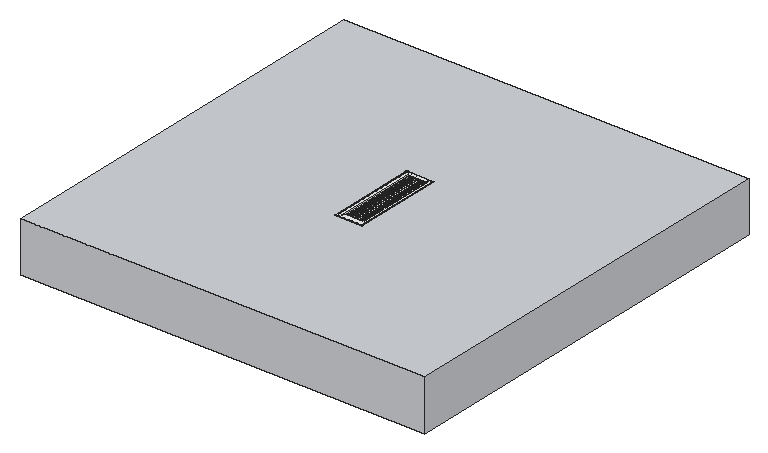
Revit family
Parameters (values of type "LDHF1200")
  URL = "http://www.productspec.net/products/30298/holyoake-industries/linear-diffusers-ldh1200ldhf1200.aspx"
  Type Comments = "Linear Diffuser"  # constant formula
  Style 4 = yes
  Overall Width = Exact Neck Width + 2 * Flange Width  # 166.00 mm
  Overall Height = Exact Neck Height + 2 * Flange Width  # 541.00 mm
  Opening Width = Exact Neck Width - 2 * Flange Thickness  # 106.00 mm
  Opening Height = Exact Neck Height - 2 * Flange Thickness  # 481.00 mm
  Nominal Width = 129.00 mm
  Nominal Height = 504.00 mm
  Model = "LDHF-1200"
  Manufacturer = "Holyoake Industries Ltd"  # constant formula
  LDHF1215 = not(LDHF1200)  # no
  LDHF1200 = yes
  Frame and Bars = Alloy - Holyoake
  Flange Width = 27.00 mm  # constant formula
  Flange Thickness = 3.00 mm  # constant formula
  Exact Neck Width = Nominal Width - 17.00 mm  # 112.00 mm
  Exact Neck Height = Nominal Height - 17.00 mm  # 487.00 mm
  Engineering Data [instance] = "http://admin.productspec.net/nas/TechnicalFiles/2367/p30296/B15-B22%20LD.pdf"
  Depth = 27.00 mm  # constant formula
  Default Elevation = 1000.00 mm
  Created By = "Productspec Ltd"  # constant formula
  Blade Thickness = 5.15 mm
  Bar Width = 3.20 mm  # constant formula
  Bar Spacing = 12.50 mm  # constant formula
  Bar Offset = (Opening Width - Bar Width * Bar Number - (Bar Spacing - Bar Width) * (Bar Number - 1)) / 2 + Bar Width / 2  # 9.25 mm
  Bar Number = Opening Width / Bar Spacing  # 8
  Author = "DZZ"  # constant formula
Types (3, lengths in mm): name | URL | Overall Width | Overall Height | Opening Width | Opening Height | Nominal Width | Nominal Height | Model | LDHF1215 | LDHF1200 | Exact Neck Width | Exact Neck Height | Blade Thickness | Bar Offset | Bar Number
  (no name) | "http://www.productspec.net/products/30298/holyoake-industries/linear-diffusers-ldh1200ldhf1200.aspx" | 166.00 | 541.00 | 106.00 | 481.00 | 129.00 | 504.00 | "LDHF-1200" | no | yes | 112.00 | 487.00 | 5.15 | 9.25 | 8
  LDHF1200 | "http://www.productspec.net/products/30298/holyoake-industries/linear-diffusers-ldh1200ldhf1200.aspx" | 166.00 | 541.00 | 106.00 | 481.00 | 129.00 | 504.00 | "LDHF-1200" | no | yes | 112.00 | 487.00 | 5.15 | 9.25 | 8
  LDHF1215 | "http://www.productspec.net/products/30299/holyoake-industries/linear-diffusers-ldh1215ldhf1215.aspx" | 124.50 | 456.00 | 64.50 | 396.00 | 87.50 | 419.00 | "LDHF-1215" | yes | no | 70.50 | 402.00 | 6.98 | 7.25 | 5
Reference planes
  plane 1 "Center (Front/Back)": y = 0
  plane 2: z = 0.003
  plane 3 "Center (Left/Right)": x = 0
  plane 4: x = -53
  plane 5: x = 53
  plane 6: y = -240.5
  plane 7: y = 240.5
  plane 8: x = -62.5
  plane 9: x = 66.5
  plane 10: y = 254
  plane 11: y = -250
  plane 12 "Bottom": z = -26.997
  plane 13: x = -43.75
  plane 14: x = -31.25
  plane 15: x = 17.5
  plane 16: x = -56
  plane 17: x = 56
  plane 18: x = -83
  plane 19: x = 83
  plane 20: y = 243.5
  plane 21: y = 270.5
  plane 22: y = -243.5
  plane 23: y = -270.5
Forms (mm)
  Extrusion 1, solid
    sketch origin (0, 0, 0) x (1, 0, 0) y (0, 1, 0)
      loop
        line (-1219.2, 1219.2) -> (-1219.2, -1219.2) -> (1219.2, -1219.2) -> (1219.2, 1219.2) -> (-1219.2, 1219.2)
    from 0.003 to -304.8
  Extrusion 2, solid, material "Alloy - Holyoake" <- "Frame and Bars", detail levels coarse+medium
    sketch origin (0, 0, -26.997) x (-1, 0, 0) y (0, -1, 0)
      loop
        line (53, -240.5) -> (53, 240.5) -> (-53, 240.5) -> (-53, -240.5) -> (53, -240.5)
    from 0 to 27 <- "Depth"
  Sweep 3, solid, material "Alloy - Holyoake" <- "Frame and Bars", visible <- "Style 4", detail levels medium+fine
    path origin (0, 0, 0) x (1, 0, 0) y (0, 1, 0)
      loop
        line (-53, 240.5) -> (-53, -240.5) -> (53, -240.5) -> (53, 240.5) -> (-53, 240.5)
    profile "Holyoake_LinearDiffuser_LDtype4_Track_profile : Holyoake_LinearDiffuser_LDtype4_Track_profile" origin (-53, 0, 0) x (1, 0, 0) y (0, 0, 1)
      loop
        line (0, 4) -> (-26.5, 4) -> (-30, 2) -> (-30, 0) -> (-20.9, 0) -> (-20.9, 1) -> (-22.5, 1) -> (-22.5, 2.4) -> (-8.1, 2.4) -> (-8.1, 1) -> (-9.7, 1) -> (-9.7, 0) -> (-3, 0) -> (-3, -27) -> (8.5, -27) -> (12, -25) -> (12, -23) -> (0, -23) -> (0, 4)
Dimensions and locks
  equal spacing: plane 4, plane 3 "Center (Left/Right)", plane 5
  "Opening Width": plane 4 to plane 5
  equal spacing: plane 6, plane 1 "Center (Front/Back)", plane 7
  "Opening Height": plane 6 to plane 7
  locked: plane 8 to plane 4 at 9.5
  locked: plane 11 to plane 6 at 9.5
  "Nominal Height": plane 11 to plane 10
  "Nominal Width": plane 8 to plane 9
  "Depth": plane 2 to plane 12 "Bottom"
  "Bar Offset": plane 13 to plane 4
  "Bar Spacing": plane 14 to plane 13
  equal spacing: group 1, group 2, group 5, group 6, group 7, group 11, group 12, group 13  (x3)
  equal spacing: group 3, group 4, group 8, group 9, group 10, group 14, group 15, group 16  (x3)
  "Flange Thickness": plane 4 to plane 16
  "Flange Width": plane 16 to plane 18
  "Overall Width": plane 18 to plane 19
  "Exact Neck Width": plane 16 to plane 17
  "Flange Thickness": plane 20 to plane 7
  "Flange Width": plane 21 to plane 20
  "Exact Neck Height": plane 22 to plane 20
  "Overall Height": plane 23 to plane 21
  aligned and locked: plane 2 to Extrusion 1
  aligned and locked: plane 13 to nested 1
  aligned and locked: plane 2 to nested 1
  aligned and locked: nested 1 to plane 1 "Center (Front/Back)"
  aligned and locked: nested 2 to plane 1 "Center (Front/Back)"
  aligned and locked: plane 4 to Extrusion 2 sketch curve
  aligned and locked: plane 7 to Extrusion 2 sketch curve
  aligned and locked: plane 6 to Extrusion 2 sketch curve
  aligned and locked: Extrusion 2 sketch curve to plane 5
  aligned and locked: Sweep 3 sketch curve to plane 4
  aligned and locked: Sweep 3 sketch curve to plane 7
  aligned and locked: plane 5 to Sweep 3 sketch curve
  aligned and locked: plane 6 to Sweep 3 sketch curve
  aligned and locked: plane 13 to nested 3
  aligned and locked: plane 2 to nested 3
  aligned and locked: nested 3 to plane 1 "Center (Front/Back)"
  aligned and locked: plane 14 to nested 4
  aligned and locked: plane 2 to nested 4
  aligned and locked: nested 4 to plane 1 "Center (Front/Back)"
  aligned and locked: plane 2 to nested 2
  aligned and locked: plane 14 to nested 2
Automatic sketch dimensions
  Extrusion 1 sketch curve to Extrusion 1 sketch curve = 2438.40 mm  (x2)
Nested families
  nested 1: "Holyoake_LinearDiffuser_LDH1200_Blade" at (-43.75, 0, 0.003) x (0, 1, 0) z (0, 0, 1), visible <- "LDHF1200", type "LDH1200 Blade"
    with Length 481.00 mm
  nested 2: "Holyoake_LinearDiffuser_LDH1200_Blade" at (-31.25, 0, 0.003) x (0, 1, 0) z (0, 0, 1), visible <- "LDHF1200", type "LDH1200 Blade"
    with Length 481.00 mm
  nested 3: "Holyoake_LinearDiffuser_LDH1215_Blade" at (-43.75, 0, 0.003) x (0, 1, 0) z (0, 0, 1), visible <- "LDHF1215", type "LDH1215 Blade"
    with Length 481.00 mm
  nested 4: "Holyoake_LinearDiffuser_LDH1215_Blade" at (-31.25, 0, 0.003) x (0, 1, 0) z (0, 0, 1), visible <- "LDHF1215", type "LDH1215 Blade"
    with Length 481.00 mm
  nested 5: "Holyoake_LinearDiffuser_LDH1200_Blade" at (-18.75, 0, 0.003) x (0, 1, 0) z (0, 0, 1), visible <- "LDHF1200", type "LDH1200 Blade"
    with Length 481.00 mm
  nested 6: "Holyoake_LinearDiffuser_LDH1200_Blade" at (-6.25, 0, 0.003) x (0, 1, 0) z (0, 0, 1), visible <- "LDHF1200", type "LDH1200 Blade"
    with Length 481.00 mm
  nested 7: "Holyoake_LinearDiffuser_LDH1200_Blade" at (6.25, 0, 0.003) x (0, 1, 0) z (0, 0, 1), visible <- "LDHF1200", type "LDH1200 Blade"
    with Length 481.00 mm
  nested 8: "Holyoake_LinearDiffuser_LDH1215_Blade" at (-18.75, 0, 0.003) x (0, 1, 0) z (0, 0, 1), visible <- "LDHF1215", type "LDH1215 Blade"
    with Length 481.00 mm
  nested 9: "Holyoake_LinearDiffuser_LDH1215_Blade" at (-6.25, 0, 0.003) x (0, 1, 0) z (0, 0, 1), visible <- "LDHF1215", type "LDH1215 Blade"
    with Length 481.00 mm
  nested 10: "Holyoake_LinearDiffuser_LDH1215_Blade" at (6.25, 0, 0.003) x (0, 1, 0) z (0, 0, 1), visible <- "LDHF1215", type "LDH1215 Blade"
    with Length 481.00 mm
  nested 11: "Holyoake_LinearDiffuser_LDH1200_Blade" at (18.75, 0, 0.003) x (0, 1, 0) z (0, 0, 1), visible <- "LDHF1200", type "LDH1200 Blade"
    with Length 481.00 mm
  nested 12: "Holyoake_LinearDiffuser_LDH1200_Blade" at (31.25, 0, 0.003) x (0, 1, 0) z (0, 0, 1), visible <- "LDHF1200", type "LDH1200 Blade"
    with Length 481.00 mm
  nested 13: "Holyoake_LinearDiffuser_LDH1200_Blade" at (43.75, 0, 0.003) x (0, 1, 0) z (0, 0, 1), visible <- "LDHF1200", type "LDH1200 Blade"
    with Length 481.00 mm
  nested 14: "Holyoake_LinearDiffuser_LDH1215_Blade" at (18.75, 0, 0.003) x (0, 1, 0) z (0, 0, 1), visible <- "LDHF1215", type "LDH1215 Blade"
    with Length 481.00 mm
  nested 15: "Holyoake_LinearDiffuser_LDH1215_Blade" at (31.25, 0, 0.003) x (0, 1, 0) z (0, 0, 1), visible <- "LDHF1215", type "LDH1215 Blade"
    with Length 481.00 mm
  nested 16: "Holyoake_LinearDiffuser_LDH1215_Blade" at (43.75, 0, 0.003) x (0, 1, 0) z (0, 0, 1), visible <- "LDHF1215", type "LDH1215 Blade"
    with Length 481.00 mm
Connectors
  hvac at (0, 0, -26.997), driven by "Nominal Height", driven by "Nominal Width"
    settings: on Extrusion 2, index 1
Definition of nested family "Holyoake_LinearDiffuser_LDH1200_Blade"
  Parameters (values of type "LDH1200 Blade")
    Width = 5.15 mm  # constant formula
    Model = "LDH1200 Blade"  # constant formula
    Manufacturer = "Holyoake Industries Ltd"  # constant formula
    Length = 400.00 mm
    Description = ""
    Created By = "Productspec Ltd"  # constant formula
    Blade = Alloy - Holyoake
    Author = "DZZ"  # constant formula
    Assembly Code = ""
  Reference planes
    plane 1 "Center": y = 0
    plane 2: z = 0
    plane 3 "Center (Left/Right)": x = 0
    plane 4: x = -200
    plane 5: x = 200
    plane 6: y = -2.575
    plane 7: y = 2.575
  Forms (mm)
    Sweep 1, solid, material "Alloy - Holyoake" <- "Blade", detail levels fine
      path origin (0, 0, 0) x (1, 0, 0) y (0, 1, 0)
        loop
          line (-200, 0) -> (200, 0)
      profile "Holyoake_LinearDiffuser_LDH1200_Blade_profile : Holyoake_LinearDiffuser_LDH1200_Blade_profile" origin (0, 0, 0) x (0, 1, 0) y (0, 0, 1)
        loop
          line (2.575, 0) -> (-2.575, 0) -> (-2.575, -1.57)
          arc (-2.575, -1.57) -> (-1.55, -2.709) -> (-1.18, -4.196) r 3.17
          line (-1.18, -4.196) -> (-1.18, -14.69)
          arc (-1.18, -14.69) -> (0, -15.87) -> (1.18, -14.69) r 1.18
          line (1.18, -14.69) -> (1.18, -4.196)
          arc (1.18, -4.196) -> (1.55, -2.709) -> (2.575, -1.57) r 3.17
          line (2.575, -1.57) -> (2.575, 0)
  Dimensions and locks
    "Length": plane 4 to plane 5
    equal spacing: plane 4, plane 3 "Center (Left/Right)", plane 5
    equal spacing: plane 7, plane 1 "Center", plane 6
    "Width": plane 7 to plane 6
    aligned and locked: Sweep 1 to plane 4
    aligned and locked: Sweep 1 to plane 5
  Automatic sketch dimensions
    Sweep 1 sketch curve to plane 1 "Center" = 0.00 mm
    Sweep 1 sketch curve to plane 4 = 0.00 mm
    Sweep 1 sketch curve to plane 5 = 0.00 mm
Definition of nested family "Holyoake_LinearDiffuser_LDH1215_Blade"
  Parameters (values of type "LDH1215 Blade")
    Width = 6.98 mm  # constant formula
    Model = "LDH1215 Blade"  # constant formula
    Manufacturer = "Holyoake Industries Ltd"  # constant formula
    Length = 400.00 mm
    Description = ""
    Created By = "Productspec Ltd"  # constant formula
    Blade = Alloy - Holyoake
    Author = "DZZ"  # constant formula
    Assembly Code = ""
  Reference planes
    plane 1 "Center": y = 0
    plane 2: z = 0
    plane 3 "Center (Left/Right)": x = 0
    plane 4: x = -200
    plane 5: x = 200
    plane 6: y = -3.49
    plane 7: y = 3.49
  Forms (mm)
    Sweep 1, solid, material "Alloy - Holyoake" <- "Blade", detail levels fine
      path origin (0, 0, 0) x (1, 0, 0) y (0, 1, 0)
        loop
          line (-200, 0) -> (200, 0)
      profile "Holyoake_LinearDiffuser_LDH1215_Blade_profile : Holyoake_LinearDiffuser_LDH1215_Blade_profile" origin (0, 0, 0) x (0, 1, 0) y (0, 0, 1)
        loop
          line (1.66, 0) -> (-3.49, 0) -> (0, -5.725) -> (0, -14.69)
          arc (0, -14.69) -> (1.175, -15.865) -> (2.35, -14.69) r 1.175
          line (2.35, -14.69) -> (2.35, -6.87) -> (3.49, -6.87) -> (1.66, 0)
  Dimensions and locks
    "Length": plane 4 to plane 5
    equal spacing: plane 4, plane 3 "Center (Left/Right)", plane 5
    equal spacing: plane 7, plane 1 "Center", plane 6
    "Width": plane 7 to plane 6
    aligned and locked: Sweep 1 to plane 4
    aligned and locked: Sweep 1 to plane 5
  Automatic sketch dimensions
    Sweep 1 sketch curve to plane 1 "Center" = 0.00 mm
    Sweep 1 sketch curve to plane 4 = 0.00 mm
    Sweep 1 sketch curve to plane 5 = 0.00 mm
